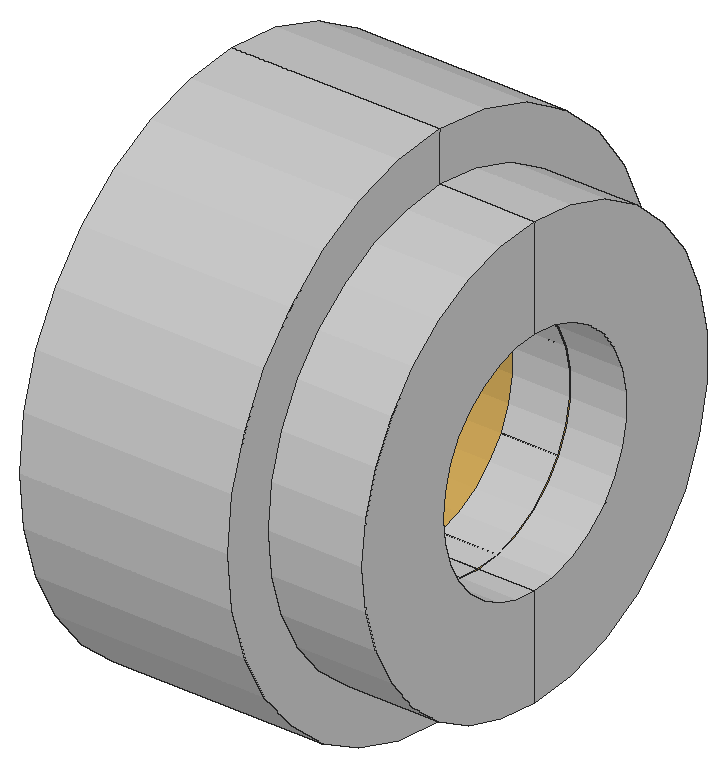
Revit family "6284_Klemmset M 22 x 1,5 (metallisch dichtend)", category Rohrformteile, Revit 2021
Family settings
  Bemaßung runder Anschluss = Durchmesser verwenden
  Teiletyp = Verbindung
  OmniClass-Nummer = 23.65.55.14
  OmniClass-Titel = Valves for Liquid Services
  Arbeitsebenenbasiert = Nein
  Immer vertikal = Ja
  Beim Laden mit Abzugskörper schneiden = Nein
  Gemeinsam genutzt = Nein
Parameters (values of type "12x2.0")
  W02 = 45.00°  # constant formula
  W01 = 30.00°  # constant formula
  Vorgabe-Ansicht = 0.00 mm
  URL = "www.herz-armaturen.at"
  SCRNSEQ = "AWI;AWI_TYP=\"1001\";2"
  SCRNCODE = "07;01;02"  # constant formula
  S02 = 5.00 mm  # constant formula
  S01 = 5.00 mm  # constant formula
  Nennweite_Stahl = 20.00 mm  # constant formula
  Nennweite_Kupfer [instance] = if([10x1.3], 10.00 mm, if([12x2.0], 12.00 mm, if([14x2.0], 14.00 mm, if([15x2.0], 15.00 mm, if([16x2.0], 16.00 mm, 0.00 mm)))))  # 12.00 mm
  Mutter = "CW614N, M22x1,5"  # constant formula
  Medium = "Heizungswasser nach ÖNORM H5195 oder VDI- Richtlinie 2035.\r\nDie Verwendung von Ethylen- oder Propyleneglykol in einem Mischungsverhältnis 25- 50% ist zulässig."
  Max. Betriebstemperatur = 110 °C  # constant formula
  Max. Betriebsdruck = "gemäß EN 1254-2: 1988, Tabelle 5"  # constant formula
  ML02 = 10.00 mm  # constant formula
  ML01 = 5.00 mm  # constant formula
  ML00 = 16.00 mm  # constant formula
  MD03 [instance] = if([10x1.3], 5.10 mm, if([12x2.0], 6.10 mm, if([14x2.0], 7.10 mm, if([15x2.0], 7.60 mm, if([16x2.0], 8.10 mm, 0.00 mm)))))  # 6.10 mm
  MD02 = 10.30 mm  # constant formula
  MD01 = 12.50 mm  # constant formula
  MD00 = 14.00 mm  # constant formula
  Klemmring = "CW614N"  # constant formula
  KL02 = 3.00 mm  # constant formula
  KL01 = 3.00 mm  # constant formula
  KL00 [instance] = if([10x1.3], 14.00 mm, if([12x2.0], 14.00 mm, if([14x2.0], 14.00 mm, if([15x2.0], 14.00 mm, if([16x2.0], 9.00 mm, 0.00 mm)))))  # 14.00 mm
  KH01 = 0.80 mm  # constant formula
  KH00 = if([10x1.3], 3.80 mm, if([12x2.0], 2.60 mm, if([14x2.0], 1.80 mm, if([15x2.0], 1.30 mm, if([16x2.0], 1.30 mm, 0.00 mm)))))  # 2.60 mm
  Hersteller = "HERZ Armaturen Ges.m.b.H."  # constant formula
  Bestellnummer [instance] = if([10x1.3], 1628400, if([12x2.0], 1628401, if([14x2.0], 1628403, if([15x2.0], 1628404, if([16x2.0], 1628405, 0)))))  # 1628401
  Ausführung = "6284 M22x1,5 - 10 - 16mm:\r\nKlemmring metallisch dichtend zum Rohr, Klemmringmutter M22x1,5 vernickelt.\r\nEinsetzbar für Weichstahl- und Kupferrohre.\r\nNicht geeignet für verchromte Metallrohre oder Edelstahlrohre."
  Anwendungsgebiet = "Der Klemmring stellt eine absolut sichere Verbindung zwischen dem Ventilgehäuse und dem Rohr dar.\r\nDiese Verbindung eignet sich besonders für Kupferrohre und dünnwandige Stahlrohre und kann bei Bedarf jederzeit gelöst werden.\r\nEine einwandfreie Dichtheit auf Dauer ist dann gegeben, wenn die Montage gemäß der Verarbeitungsanleitung durchgeführt wurde.\r\r\n\r\nNach Anzug der Klemmschraube verkeilt sich der Klemmring zwischen Rohrwand und Innenkonus von Gehäuse und Klemmschraube.\r\nDabei wird das Rohr in seiner Lage durch Kraftschluss fixiert und gegen Axialverschiebung gesichert.\r\nDie dabei entstehende Pressung sorgt für sichere Dichtheit.\r\nDie innen im Klemmring befindlichen Rillen stellen eine Labyrinthdichtung dar und helfen Unebenheiten des Rohres zu überbrücken.\r\n\r\nDie Klemmverschraubung kann mehrmals gelöst werden und stellt eine einfache und sichere Verbindung dar.\r\nFür die Güte der Verbindung ist es wichtig, dass das Rohr gegen den Anschlag im Innenkonus stößt, also ausreichend tief eingeschoben ist.\r\n\r\nDie asymetrischen Klemmringe (6274, 6284, 6294) mit integrierten Reduzierhüllen ermöglichen den Rohranschluss von Rohren mit Durchmesser 8 - 16mm an einen Ventilkörper.\r\nDiese Ausführung stellt ein Optimum an Kombinationsmöglichkeiten sicher."
  16x2.0 = no
  15x2.0 = no
  14x2.0 = no
  12x2.0 = yes
  10x1.3 = no
Types (5, lengths in mm): name | Nennweite_Kupfer | MD03 | KL00 | KH00 | Bestellnummer | 16x2.0 | 15x2.0 | 14x2.0 | 12x2.0 | 10x1.3
  10x1.3 | 10.00 | 5.10 | 14.00 | 3.80 | 1628400 | no | no | no | no | yes
  12x2.0 | 12.00 | 6.10 | 14.00 | 2.60 | 1628401 | no | no | no | yes | no
  14x2.0 | 14.00 | 7.10 | 14.00 | 1.80 | 1628403 | no | no | yes | no | no
  15x2.0 | 15.00 | 7.60 | 14.00 | 1.30 | 1628404 | no | yes | no | no | no
  16x2.0 | 16.00 | 8.10 | 9.00 | 1.30 | 1628405 | yes | no | no | no | no
Reference planes
  plane 1 "Mitte (Vorne/hinten)": y = 0
  plane 2: z = 0
  plane 3 "Mitte (Links/rechts)": x = 0
Forms (mm)
  Revolve 1, solid, material "Messing, vernickelt", detail levels fine
    sketch origin (0, 0, 0) x (1, 0, 0) y (0, 0, 1)
      loop
        line (0, 10.3) -> (10, 10.3) -> (10, 6.1) -> (16, 6.1) -> (16, 11.4) -> (11, 11.4) -> (11, 14) -> (0, 14) -> (0, 10.3)
      axis (0, 0) -> (16, 0)
    angle from 0 to 360
  Revolve 2, solid, material "Messing, weicher Gelbton, geschweißt", detail levels fine
    sketch origin (-40.19, 0, 0) x (1, 0, 0) y (0, 0, 1)
      loop
        line (39.19, 6.1) -> (53.19, 6.1) -> (53.19, 6.9) -> (50.19, 8.7) -> (42.19, 8.7) -> (39.19, 6.9) -> (39.19, 6.1)
      axis (39.19, 0) -> (53.19, 0)
    angle from 0 to 360
Lines and regions (mm)
  model lines, detail levels coarse+medium
    curve 1: line (0, 0, 0) -> (16, 0, 0)
    curve 2: line (5, 0, 14) -> (5, 0, -14)
    curve 3: line (5, 0, -14) -> (10, 0, -14)
    curve 4: line (10, 0, -14) -> (5, 0, 0)
    curve 5: line (5, 0, 14) -> (10, 0, 14)
    curve 6: line (10, 0, 14) -> (5, 0, 0)
    curve 7: line (5, 14, 0) -> (5, -14, 0)
    curve 8: line (5, -14, 0) -> (10, -14, 0)
    curve 9: line (10, -14, 0) -> (5, 0, 0)
    curve 10: line (5, 14, 0) -> (10, 14, 0)
    curve 11: line (10, 14, 0) -> (5, 0, 0)
Dimensions and locks
  "MD02": Revolve 1 sketch curve to plane 2
  "MD00": Revolve 1 sketch curve to plane 2
  "ML00": Revolve 1 sketch curve to plane 3 "Mitte (Links/rechts)"
  "MD03": Revolve 1 sketch curve to plane 2
  "ML02": Revolve 1 sketch curve to Revolve 1 sketch curve
  "ML01": Revolve 1 sketch curve to Revolve 1 sketch curve
  "KL00": Revolve 2 sketch curve to Revolve 2 sketch curve
  "KH01": Revolve 2 sketch curve to Revolve 2 sketch curve  (x2)
  "KH00": Revolve 2 sketch curve to Revolve 2 sketch curve
  "MD03": Revolve 2 sketch curve to plane 2
  "KL01": Revolve 2 sketch curve to Revolve 2 sketch curve  (x2)
  "KL02": Revolve 2 sketch curve to Revolve 1
  "ML00": curve 1 to curve 1
  "S01": curve 2 to plane 3 "Mitte (Links/rechts)"
  "S02": curve 2 to curve 6
  "MD00": curve 5 to plane 2 to curve 3
  "S01": plane 3 "Mitte (Links/rechts)" to curve 7
  "S02": curve 7 to curve 11
  "MD00": curve 8 to plane 1 "Mitte (Vorne/hinten)" to curve 10
  aligned and locked: level to plane 2
Automatic sketch dimensions
  curve 1 to level = 0.00 mm
  curve 1 to plane 3 "Mitte (Links/rechts)" = 0.00 mm
  curve 4 to level = 0.00 mm
  curve 2 to curve 4 = 5.00 mm
  plane 1 "Mitte (Vorne/hinten)" to curve 9 = 0.00 mm
  curve 7 to curve 8 = 5.00 mm
  Revolve 1 sketch curve to level = 0.00 mm
  Revolve 1 sketch curve to plane 3 "Mitte (Links/rechts)" = 0.00 mm
  Revolve 1 sketch curve to Revolve 1 sketch curve = 1.10 mm
  Revolve 1 sketch curve to plane 3 "Mitte (Links/rechts)" = 1506.53 mm
  Revolve 1 sketch curve to Revolve 1 sketch curve = 1818.648 mm
  Revolve 2 sketch curve to level = 0.00 mm
  Revolve 2 sketch curve to Revolve 2 sketch curve = 1540.72 mm
  Revolve 2 sketch curve to Revolve 2 sketch curve = 1785.958 mm
Connectors
  piping at (10, 0, 0), diameter 20, driven by "Nennweite_Stahl"
    settings: on Revolve 1, index 1, connector inside diameter 609.6 mm, connector length 0.00 mm, flow factor 0, pipe flow 0.0 L/s, pressure drop 0.0 Pa, fitting loss kfactor 0, connector angle 0.00°, fixture units 0, engagement length 0.00 mm, angle of deflection 0.00°, flow configuration 0, flow direction 0, fitting loss method 0, system type 29, joint type 0, gender type 0, connector reference index -1, connector utility 0, adjustable connector no, is connector primary yes, connector description ""
  piping at (13, 0, 0), diameter 12, driven by "Nennweite_Kupfer"
    settings: on Revolve 2, index 2, connector inside diameter 609.6 mm, connector length 0.00 mm, flow factor 0, pipe flow 0.0 L/s, pressure drop 0.0 Pa, fitting loss kfactor 0, connector angle 0.00°, fixture units 0, engagement length 0.00 mm, angle of deflection 0.00°, flow configuration 0, flow direction 0, fitting loss method 0, system type 29, joint type 0, gender type 0, connector reference index -1, connector utility 0, adjustable connector no, is connector primary no, connector description ""
